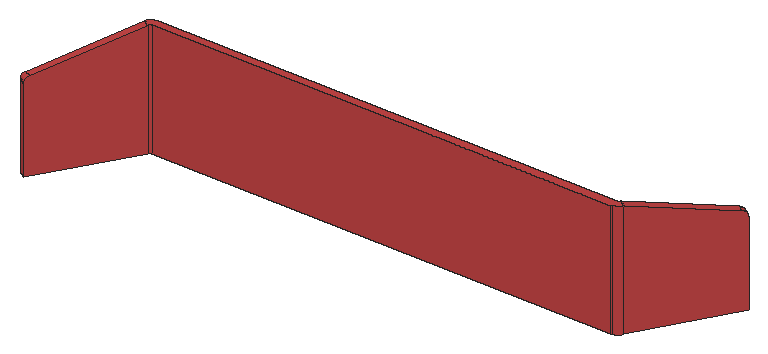
Revit family "Haworth_BuzziDesk_FlipFlop_Slider", category Furniture, Revit 2018
Family settings
  OmniClass Number = 23.40.70.14.64.21
  OmniClass Title = Systems Furniture
  Work Plane-Based = No
  Always vertical = Yes
  Cut with Voids When Loaded = No
  Shared = No
  Room Calculation Point = No
Parameters (values of type "HCBZ-DFS2 - High Screen - Large Sides")
  Width = 78 189/256"
  Warranty = "http://www.haworth.com/resources/product-info/warranties"
  Upholstery Finish [instance] = Haworth _ Fabric _ Trevira CS _ Berry BCS-4017
  URL - Product = "https://www.haworth.com/products/workspaces/accessories/buzzidesk-flip-flop"
  URL = "http://www.haworth.com/our-brands/haworth-collection"
  Small = no
  Size = "Verify Final Dim. w/ Haworth"  # constant formula
  Revision Number = "1"  # constant formula
  Model = "HCBZ-DFS"  # constant formula
  Min. Width = 31 1/2"  # constant formula
  Midsection Widths = "31.5, 39.37, 47.24, 55.12, 62.99, 70.87, 78.74 in"  # constant formula
  Max. Width = 78 189/256"  # constant formula
  Manufacturer = "Haworth"  # constant formula
  Low = no
  Large = not(Small)  # yes
  High = not(Low)  # yes
  Description = "Haworth BuzziDesk FlipFlop - High Screen - Large Sides"
  Custom Size = not(and(or(Actual Depth = 14 195/256", Actual Depth = 19 177/256"), or(Width = 31 1/2", Width = 39 95/256", Width = 47 61/256", Width = 55 31/256", Width = 62 253/256", Width = 70 223/256", Width = 78 189/256")))  # no
  Author = "Haworth (Abd Rahman)"  # constant formula
  Assembly Code = "E2020200"
  Actual Width = if(Width > Max. Width, Max. Width, if(Width < Min. Width, Min. Width, Width))  # 78 189/256"
  Actual Mounting Height = 29 5/8"  # constant formula
  Actual Height = if(Low, 13 25/32", 19 177/256")  # 19 177/256"
  Actual Depth = if(Small, 14 195/256", 19 177/256")  # 19 177/256"
Types (4): name | Small | Low | Large | High | Description | Actual Height | Actual Depth
  HCBZ-DFS1 - Low Screen - Small Sides | yes | yes | no | no | "Haworth BuzziDesk FlipFlop - Low Screen - Small Sides" | 13 25/32" | 14 195/256"
  HCBZ-DFS2 - High Screen - Small Sides | yes | no | no | yes | "Haworth BuzziDesk FlipFlop - High Screen - Small Sides" | 19 177/256" | 14 195/256"
  HCBZ-DFS1 - Low Screen - Large Sides | no | yes | yes | no | "Haworth BuzziDesk FlipFlop - Low Screen - Large Sides" | 13 25/32" | 19 177/256"
  HCBZ-DFS2 - High Screen - Large Sides | no | no | yes | yes | "Haworth BuzziDesk FlipFlop - High Screen - Large Sides" | 19 177/256" | 19 177/256"
Reference planes (in)
  plane 1 "Center F/B": y = -7.40625
  plane 2: z = 0
  plane 3 "Back": y = 2.43945
  plane 4 "Front": y = -17.25195
  plane 5 "Bottom": z = 29.625
  plane 6: x = 22.46038
  plane 7: z = 49.31641
  plane 8: x = -16.90876
  plane 9: x = 61.82952
  plane 10: x = 69.37815
  plane 11: x = -24.4574
  plane 12: y = 18.23732
  plane 13: y = -14.72014
  plane 14: y = 1.07769
  plane 15: y = 1.75857
Forms (in)
  Extrusion 1, solid, material "Haworth _ Fabric _ Trevira CS _ Berry BCS-4017" <- "Upholstery Finish"
    sketch origin (0, 0, 0) x (1, 0, 0) y (0, 1, 0)
      loop
        arc (-16.99905, 2.43945) -> (-17.10716, 2.43359) -> (-17.21399, 2.41608) r 1
        arc (-17.21399, 2.41608) -> (-17.95823, 2.07896) -> (-18.50192, 1.46908) r 1.97177
        line (-18.50192, 1.46908) -> (-17.27591, 0.76456)
        arc (-17.27591, 0.76456) -> (-17.12461, 0.96069) -> (-16.90631, 1.07773) r 0.59194
        line (-16.90631, 1.07773) -> (61.91981, 1.07773)
        arc (61.91981, 1.07773) -> (62.02791, 1.08359) -> (62.13474, 1.1011) r 1
        arc (62.13474, 1.1011) -> (62.87899, 1.43822) -> (63.42268, 2.0481) r 1.97177
        line (63.42268, 2.0481) -> (62.19666, 2.75262)
        arc (62.19666, 2.75262) -> (62.04537, 2.5565) -> (61.82706, 2.43945) r 0.59194
        line (61.82706, 2.43945) -> (-16.99905, 2.43945)
    from 29.625 to 49.31641
Lines and regions (in)
  Masking region 1
    outline origin (0, 0, 0) x (1, 0, 0) y (0, 1, 0)
      loop
        arc (-17.21404, 2.41607) -> (-17.95825, 2.07894) -> (-18.50192, 1.46908) r 1.97177
        line (-18.50192, 1.46908) -> (-17.27591, 0.76456)
        arc (-17.27591, 0.76456) -> (-17.12467, 0.96064) -> (-16.90644, 1.07769) r 0.59194
        line (-16.90644, 1.07769) -> (61.92224, 1.07769)
        arc (61.92224, 1.07769) -> (62.03042, 1.08356) -> (62.13733, 1.1011) r 1
        arc (62.13733, 1.1011) -> (62.88102, 1.43786) -> (63.42452, 2.04704) r 1.97151
        line (63.42452, 2.04704) -> (62.19859, 2.75151)
        arc (62.19859, 2.75151) -> (62.04745, 2.5561) -> (61.82969, 2.43944) r 0.59172
        line (61.82969, 2.43944) -> (-16.99913, 2.43944)
        arc (-16.99913, 2.43944) -> (-17.10722, 2.43358) -> (-17.21404, 2.41607) r 1
  reference lines
    curve 1: line (61.82706, 1.07773, 0) -> (61.82952, 2.43945, 0)
Dimensions and locks (in)
  "Actual Depth": plane 4 "Front" to plane 3 "Back"
  equal spacing: plane 4 "Front", plane 1 "Center F/B", plane 3 "Back"
  "Actual Height": plane 7 to plane 5 "Bottom"
  "Actual Mounting Height": plane 5 "Bottom" to plane 2
  "Width": plane 8 to plane 9
  equal spacing: plane 8, plane 6, plane 9
  equal spacing: plane 11, plane 6, plane 10
  locked: plane 11 to plane 8 at 7.54864
  plane 9 to plane 10 = 7.54864"
  aligned and locked: plane 7 to Extrusion 1
  aligned and locked: Extrusion 1 to plane 5 "Bottom"
  aligned and locked: Masking region 1 sketch curve to Extrusion 1  (x3)
  aligned and locked: plane 8 to nested 1
  aligned and locked: nested 2 to plane 9
  aligned and locked: plane 3 "Back" to Extrusion 1 sketch curve  (x2)
  aligned and locked: plane 5 "Bottom" to nested 1
  aligned and locked: plane 5 "Bottom" to nested 2
Automatic sketch dimensions
  curve 1 to plane 3 "Back" = 0"
  curve 1 to plane 9 = 0"
  plane 9 to curve 1 = 0.00246"
  curve 1 to plane 3 "Back" = 1.36173"
  Masking region 1 sketch curve to plane 3 "Back" = 0"
  Masking region 1 sketch curve to plane 9 = 0.00017"
  Masking region 1 sketch curve to plane 8 = 0.00232"
  plane 9 to Masking region 1 sketch curve = 0.16424"
  Masking region 1 sketch curve to Masking region 1 sketch curve = 0.04826"
  Masking region 1 sketch curve to plane 9 = 0.09273"
  plane 3 "Back" to Masking region 1 sketch curve = 0.31206"
  Masking region 1 sketch curve to plane 9 = 0.36907"
  Masking region 1 sketch curve to plane 3 "Back" = 0.39241"
  Masking region 1 sketch curve to Masking region 1 sketch curve = 1.22593"
  Masking region 1 sketch curve to plane 3 "Back" = 0.36176"
  Masking region 1 sketch curve to Masking region 1 sketch curve = 0.01866"
  Masking region 1 sketch curve to plane 3 "Back" = 0.02338"
  Masking region 1 sketch curve to Masking region 1 sketch curve = 0"
  plane 8 to Extrusion 1 sketch curve = 0.36715"
  plane 8 to Extrusion 1 sketch curve = 0.09029"
  Extrusion 1 sketch curve to plane 8 = 0.00246"
  Extrusion 1 sketch curve to plane 8 = 0.11858"
  Extrusion 1 sketch curve to Extrusion 1 sketch curve = 0.04823"  (x2)
  plane 9 to Extrusion 1 sketch curve = 0.16681"
  plane 9 to Extrusion 1 sketch curve = 0.00246"
  Extrusion 1 sketch curve to plane 9 = 0.09029"
  plane 3 "Back" to Extrusion 1 sketch curve = 0.31316"
  Extrusion 1 sketch curve to plane 9 = 0.36715"
  Extrusion 1 sketch curve to plane 3 "Back" = 0.39135"
  Extrusion 1 sketch curve to Extrusion 1 sketch curve = 1.22601"
  Extrusion 1 sketch curve to plane 3 "Back" = 0.97037"
  Extrusion 1 sketch curve to Extrusion 1 sketch curve = 1"
  Extrusion 1 sketch curve to Extrusion 1 sketch curve = 0.31316"
  Extrusion 1 sketch curve to Extrusion 1 sketch curve = 0.01866"  (x2)
  Extrusion 1 sketch curve to plane 3 "Back" = 0.36173"
  Extrusion 1 sketch curve to plane 3 "Back" = 0.02337"
  Extrusion 1 sketch curve to Extrusion 1 sketch curve = 0"
Nested families (in)
  nested 1: "Haworth_BuzziDesk_FlipFlop_PART" at (21.30161, 0, 0) x (-1, 0, 0) z (0, 0, 1), Upholstery Finish <- "Upholstery Finish", type "BuzziDesk - Flipflop - PART"
    with Upholstery Finish Haworth _ Fabric _ Trevira CS _ Berry BCS-4017, Small no, Low no, Large yes, High yes, Actual Height 19 177/256"
  nested 2: "Haworth_BuzziDesk_FlipFlop_PART" at (23.61914, 3.51718, 0), Upholstery Finish <- "Upholstery Finish", type "BuzziDesk - Flipflop - PART"
    with Upholstery Finish Haworth _ Fabric _ Trevira CS _ Berry BCS-4017, Small no, Low no, Large yes, High yes, Actual Height 19 177/256"
Definition of nested family "Haworth_BuzziDesk_FlipFlop_PART"
  Parameters (values of type "BuzziDesk - Flipflop - PART")
    Width = 78 3/4"
    Warranty = "http://www.haworth.com/resources/product-info/warranties"
    Upholstery Finish [instance] = none
    URL - Product = "https://www.haworth.com/products/workspaces/accessories/buzzidesk-flip-flop"
    URL = "http://www.haworth.com/our-brands/haworth-collection"
    Small = yes
    Size = "Verify Final Dim. w/ Haworth"  # constant formula
    Revision Number = "1"  # constant formula
    Model = "Haworth BuzziDesk"  # constant formula
    Manufacturer = "Haworth"  # constant formula
    Low = yes
    Large = not(Small)  # no
    High = not(Low)  # no
    Description = "Haworth BuzziDesk - Flipflop - PART"
    Author = "Haworth (Abd Rahman)"  # constant formula
    Assembly Code = "E2020200"
    Actual Mounting Height = 29 5/8"  # constant formula
    Actual Height = if(Low, 13 25/32", 19 177/256")  # 13 25/32"
  Reference planes (in)
    plane 1 "Center F/B": y = -4.94141
    plane 2: z = 0
    plane 3 "Back": y = 2.43945
    plane 4 "Front": y = -12.32227
    plane 5 "Back Top": z = 29.625
    plane 6: x = 22.46038
    plane 7: z = 43.40625
    plane 8: x = 6.71038
    plane 9 "R1": x = 38.21038
    plane 10 "void 1": through (40.68222, -0.26032, 48) normal (0.867, 0.4982, 0)
    plane 11 "Face 1": through (45.67095, -8.94179, 48) normal (0.4982, -0.867, 0)
    plane 12 "Face 2": through (39.71701, 1.41936, 48) normal (0.4982, -0.867, 0)
  Forms (in)
    Extrusion 1, solid, material <- "Upholstery Finish", visible <- "Small"
      sketch origin (30.4708, 17.50977, 0) x (-0.498237, 0.867041, 0) y (0, 0, 1)
        loop
          line (-18.55785, 43.40647) -> (-29.75132, 40.59677)
          arc (-29.75132, 40.59677) -> (-30.29636, 40.24189) -> (-30.50786, 39.62686) r 1
          line (-30.50786, 39.62686) -> (-30.50786, 29.625) -> (-18.55785, 29.625) -> (-18.55785, 43.40647)
      from -1.31429 to 0.10156
    Extrusion 2, solid, material <- "Upholstery Finish", visible <- "Large"
      sketch origin (30.4708, 17.50977, 0) x (-0.498237, 0.867041, 0) y (0, 0, 1)
        loop
          line (-18.55785, 43.40647) -> (-35.66053, 39.11348)
          arc (-35.66053, 39.11348) -> (-36.20557, 38.7586) -> (-36.41707, 38.14357) r 1
          line (-36.41707, 38.14357) -> (-36.41707, 29.625) -> (-18.55785, 29.625) -> (-18.55785, 43.40647)
      from -1.31429 to 0.10156
  Lines and regions (in)
    Masking region 1, visible <- "Large"
      outline origin (0, 0, 0) x (1, 0, 0) y (0, 1, 0)
        loop
          line (39.80507, 1.46996) -> (38.57746, 0.76453) -> (47.47559, -14.72014) -> (48.7032, -14.01471) -> (39.80507, 1.46996)
    Masking region 2, visible <- "Small"
      outline origin (0, 0, 0) x (1, 0, 0) y (0, 1, 0)
        loop
          line (44.53141, -9.59662) -> (45.75901, -8.89119) -> (39.80507, 1.46996) -> (38.57746, 0.76453) -> (44.53141, -9.59662)
  Dimensions and locks (in)
    "Actual Height": plane 7 to plane 5 "Back Top"
    "Actual Mounting Height": plane 5 "Back Top" to plane 2
    plane 8 to plane 9 "R1" = 31 1/2"
    equal spacing: plane 8, plane 6, plane 9 "R1"
    plane 9 "R1" to plane 10 "void 1" = 0.92045"
    plane 9 "R1" to plane 10 "void 1" = 9.40314"
    aligned and locked: Extrusion 1 sketch curve to plane 12 "Face 2"
    aligned and locked: Extrusion 1 sketch curve to plane 11 "Face 1"
    aligned and locked: plane 5 "Back Top" to Extrusion 1 sketch curve
  Automatic sketch dimensions
    Extrusion 1 sketch curve to plane 11 "Face 1" = 0.75654"
    Extrusion 1 sketch curve to Extrusion 1 sketch curve = 0.24346"
    Extrusion 1 sketch curve to plane 7 = 3.77939"
    plane 7 to Extrusion 1 sketch curve = 0.00022"
    plane 5 "Back Top" to Extrusion 2 sketch curve = 0"
    Extrusion 2 sketch curve to plane 12 "Face 2" = 0"
    plane 11 "Face 1" to Extrusion 2 sketch curve = 4.90921"
    Extrusion 2 sketch curve to Extrusion 2 sketch curve = 0.24346"
    Extrusion 2 sketch curve to plane 7 = 5.26268"
    plane 7 to Extrusion 2 sketch curve = 0.00022"
    plane 11 "Face 1" to Extrusion 2 sketch curve = 5.90921"
    plane 12 "Face 2" to Masking region 1 sketch curve = 0"  (x2)
    Masking region 1 sketch curve to plane 9 "R1" = 0.36709"
    Masking region 1 sketch curve to plane 3 "Back" = 0.96949"
    plane 4 "Front" to Masking region 1 sketch curve = 1.69244"
    plane 12 "Face 2" to Masking region 2 sketch curve = 0"  (x2)
    plane 11 "Face 1" to Masking region 2 sketch curve = 0"
    Masking region 2 sketch curve to plane 4 "Front" = 3.43108"
    Masking region 2 sketch curve to plane 4 "Front" = 2.72565"
